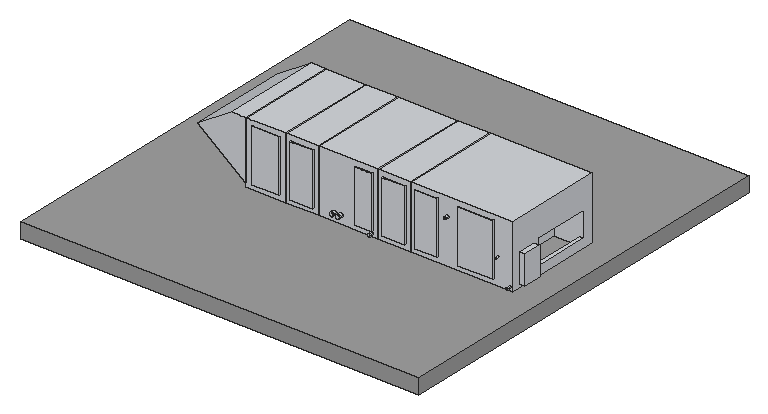
Revit family
Parameters (values of type "4 Row DX-R22")
  Wheel Size [instance] = ""
  Voltage = 480 V
  Unit Weight (lbs) = 4667  # constant formula
  URL = "http://www.appliedair.com"
  Total Static Pressure [instance] = 0.00 in-wg
  Total Heating Capacity [instance] = 0.0 Btu/h
  Total Cooling Capacity [instance] = 0.0 Btu/h
  Temperature Rise [instance] = 0 °F
  Supply Air Pressure Drop [instance] = 0.00 in-wg
  Supply Air Outlet Flow [instance] = 0 CFM
  Supply Air Inlet Flow [instance] = 0 CFM
  Series = "IFL"
  Return Coil Horizontal Offset = 1' - 1"  # constant formula
  Return Air Inlet Flow [instance] = 0 CFM
  Return Air Flow Height = 1' - 8"
  Refrigerant Type = "R22"
  Refrigerant Supply Pressure [instance] = 0.00 psi
  Refrigerant Supply Flow [instance] = 0 GPM
  Refrigerant Return Pressure [instance] = 0.00 psi
  Refrigerant Return Flow [instance] = 0 GPM
  Product URL = "http://www.appliedair.com/ifl.asp"
  Power Vertical Offset = 1' - 2 1/4"
  Power Horizontal Offset = 2' - 6"
  Power Connection Radius = 0' - 0 3/4"
  Phase = 3
  Output Heat [instance] = 0.0 Btu/h
  OmniClass = "23-75 10 24 21 27 17"
  Number of Rows = 4
  Number of Poles = 3
  Nominal Width = 6' - 8"  # constant formula
  Nominal Length = 21' - 0 5/8"  # constant formula
  Nominal Height = 4' - 2"  # constant formula
  Motor Horsepower (HP) [instance] = 0
  Motor Brake Horsepower (BHP) [instance] = 0
  Motor Amps [instance] = 0 A
  Model = "40"
  Minimum Input [instance] = 0.0 Btu/h
  Minimum Air Flow = 3000 CFM
  Maximum Input [instance] = 0.0 Btu/h
  Maximum Air Flow = 9500 CFM
  Manufacturer = "Applied Air"
  M = 3' - 10"  # constant formula
  L = 1' - 8 3/4"  # constant formula
  K = 2' - 1 11/16"  # constant formula
  J = 0' - 6 3/4"  # constant formula
  Heating Leaving Water Temperature [instance] = 0 °F
  Heating Leaving Air Temperature Wet Bulb [instance] = 0 °F
  Heating Leaving Air Temperature Dry Bulb [instance] = 0 °F
  Heating Entering Water Temperature [instance] = 0 °F
  Heating Entering Air Temperature Wet Bulb [instance] = 0 °F
  Heating Entering Air Temperature Dry Bulb [instance] = 0 °F
  Gas Vertical Offset = 1' - 9"  # constant formula
  Gas Horizontal Offset = 0' - 11 1/2"
  Gas Connection Radius = 0' - 0 3/8"  # constant formula
  Condensate Drain Vertical Offset = 0' - 2 3/4"
  Condensate Drain Radius = 0' - 0 3/4"  # constant formula
  Gas Pressure Drop [instance] = 0.00 psi
  Gas Input [instance] = 0.0 Btu/h
  Condensate Drain  Horizontal Offset = 0' - 1 27/32"
  Gas Flow [instance] = 0 GPM
  Condensate Drain Connection Radius = Condensate Drain Radius  # 0' - 0 3/4"
  Furnace Size [instance] = ""
  Frequency = 60 Hz
  Fan Speed (RPM) [instance] = 0
  Face Velocity (FPM) [instance] = 0
  Face Pressure Drop [instance] = 0' - 0"
  Drain Pressure Drop [instance] = 0.00 psi
  Drain Flow [instance] = 0 GPM
  Description = "Dedicated Outside Air Split System"
  Cooling Sensible Capacity [instance] = 0 Btu/h
  Cooling Leaving Air Temperature Wet Bulb [instance] = 0 °F
  Cooling Leaving Air Temperature Dry Bulb [instance] = 0 °F
  Cooling Entering Air Temperature Wet Bulb [instance] = 0 °F
  Cooling Entering Air Temperature Dry Bulb [instance] = 0 °F
  Cooling Coil Radius = 0' 3" / 2  # 0' - 1 1/2"
  H = 0' - 3 1/16"  # constant formula
  G = 3' - 2 5/8"  # constant formula
  Drain Vertical Offset = 0' - 2"
  Drain Radius = 0' - 1"
  Drain Horizontal Offset = 0' - 5"
  Default Elevation = 0' - 0"
  F = 2' - 2"  # constant formula
  E = 4' - 0"  # constant formula
  D = 5' - 8"  # constant formula
  Combustion Air Flow [instance] = 0 CFM
  Coils Depth = 0' - 3"
  Coil Outlet Vertical Offset = 3' - 7 113/256"  # constant formula
  Coil Face Area = if(Choose Coil Option = 1, 9.17 SF, if(Choose Coil Option = 2, 14.00 SF, if(Choose Coil Option = 3, 17.72 SF, 0.00 SF)))  # 9.17 SF
  Choose Coil Option = 1
  Coils Vertical Offsets = 0' - 6 143/256"
  Supply Coil Horizontal Offset = 1' - 6"  # constant formula
  Burner Amps [instance] = 0 A
  B = 6' - 10"  # constant formula
  Assembly Code = "D3030200"
  Apparent Power [instance] = (Motor Amps + Burner Amps) * Voltage * sqrt(3)  # 0 VA
  AHU Material = Galvanized Steel
  40.5x63 DX Coils = Choose Coil Option = 3  # no
  30x44 DX Coils = Choose Coil Option = 1  # yes
  36x56 DX Coils = Choose Coil Option = 2  # no
Reference planes (in)
  plane 1 "Center (Front/Back)": y = 0
  plane 2: z = -0.00391
  plane 3 "Center (Left/Right)": x = 0
  plane 4: y = 38
  plane 5: y = -42
  plane 6: x = -24
  plane 7: x = 24
  plane 8: x = 50
  plane 9: z = 49.99609
  plane 10: x = 132
  plane 11: x = -50
  plane 12: x = -82
  plane 13: x = -120.625
  plane 14: x = -11
  plane 15: x = -6
  plane 16: z = 6.55469
  plane 17: z = 6.55469
  plane 18: y = -45
  plane 19: x = 19
  plane 20: z = 1.99609
  plane 21: x = 80
  plane 22: z = 35.74609
  plane 23: z = 2.74609
  plane 24: x = 130.15625
  plane 25: z = 20.99609
  plane 26: x = 120.5
Forms (in)
  Extrusion 1, solid, material "Default"
    sketch origin (0, 0, 0) x (1, 0, 0) y (0, 1, 0)
      loop
        line (-164.84185, 166) -> (-164.84185, -165.6411) -> (155.35983, -165.6411) -> (155.35983, 166) -> (-164.84185, 166)
    from -0.00391 to -12
  Extrusion 2, solid
    sketch origin (0.62705, 0, 0) x (1, 0, 0) y (0, 0, 1)
      loop
        line (-24.62705, 0) -> (23.37295, 0) -> (23.37295, 49.99609) -> (-24.62705, 49.99609) -> (-24.62705, 0)
    from -38 to 42
  Extrusion 3, solid
    sketch origin (66.62705, 0, 0) x (1, 0, 0) y (0, 0, 1)
      loop
        line (-42.62705, 0) -> (-16.62705, 0) -> (-16.62705, 49.99609) -> (-42.62705, 49.99609) -> (-42.62705, 0)
    from -38 to 42
  Extrusion 4, solid
    sketch origin (120.62705, 0, 0) x (1, 0, 0) y (0, 0, 1)
      loop
        line (-70.62705, 0) -> (11.37295, 0) -> (11.37295, 49.99609) -> (-70.62705, 49.99609) -> (-70.62705, 0)
    from -38 to 42
  Extrusion 5, solid
    sketch origin (-17.37295, 0, 0) x (1, 0, 0) y (0, 0, 1)
      loop
        line (-32.62705, -0.00391) -> (-6.62705, -0.00391) -> (-6.62705, 49.99609) -> (-32.62705, 49.99609) -> (-32.62705, -0.00391)
    from -38 to 42
  Extrusion 6, solid
    sketch origin (-41.37295, 0, 0) x (1, 0, 0) y (0, 0, 1)
      loop
        line (-40.62705, -0.00391) -> (-8.62705, -0.00391) -> (-8.62705, 49.99609) -> (-40.62705, 49.99609) -> (-40.62705, -0.00391)
    from -38 to 42
  Extrusion 7, solid
    sketch origin (-15.3125, 0, 0) x (1, 0, 0) y (0, 0, 1)
      loop
        line (-105.3125, 32.99609) -> (-66.6875, 2.74609) -> (-66.6875, 49.99609) -> (-78.33244, 49.99609) -> (-105.3125, 32.99609)
    from -38 to 42
  Extrusion 8, void
    sketch origin (0, 0, 0) x (1, 0, 0) y (0, 1, 0)
      loop
        line (-75, 32) -> (-75, -36) -> (-55, -36) -> (-55, 32) -> (-75, 32)
    from 0 to 31.59567
  Extrusion 9, void
    sketch origin (0, 0, 0) x (0, 1, 0) y (0, 0, 1)
      loop
        line (-36, 9) -> (32, 9) -> (32, 29) -> (-36, 29) -> (-36, 9)
    from -55 to -85.321
  Extrusion 10, void
    sketch origin (0, 0, 0) x (1, 0, 0) y (0, 1, 0)
      loop
        line (128.9375, -16.3125) -> (128.9375, 29.6875) -> (108.1875, 29.6875) -> (108.1875, -16.3125) -> (128.9375, -16.3125)
    from 0 to 21.23232
  Extrusion 11, void
    sketch origin (0, 0, 0) x (1, 0, 0) y (0, 0, 1)
      loop
        line (132, 6.74609) -> (132, 27.49609) -> (108.1875, 27.49609) -> (108.1875, 6.74609) -> (132, 6.74609)
    from -29.6875 to 16.3125
  Extrusion 12, solid
    sketch origin (0, 0, 0) x (1, 0, 0) y (0, 1, 0)
      loop
        line (132, -21) -> (132, -36) -> (137, -36) -> (137, -21) -> (132, -21)
    from 3.06225 to 25.87762
  Extrusion 13, solid
    sketch origin (0, 0, 0) x (1, 0, 0) y (0, 0, 1)
      loop
        circle (-6, 6.55469) r 1.5
      loop
        circle (-11, 6.55469) r 1.5
      loop
        circle (19, 1.99609) r 1
      loop
        circle (80, 35.74609) r 0.75
      loop
        circle (130.15625, 2.74609) r 0.75
      loop
        circle (120.5, 20.99609) r 0.375
    from 42 to 45
  Extrusion 14, solid
    sketch origin (0, -38, 0) x (1, 0, 0) y (0, 0, 1)
      loop
        line (-55, 45.99609) -> (-77, 45.99609) -> (-77, 3.99609) -> (-55, 3.99609) -> (-55, 45.99609)
      loop
        line (-28, 45.99609) -> (-46, 45.99609) -> (-46, 3.99609) -> (-28, 3.99609) -> (-28, 45.99609)
      loop
        line (20, 45.99609) -> (6, 45.99609) -> (6, 3.99609) -> (20, 3.99609) -> (20, 45.99609)
      loop
        line (46, 45.99609) -> (28, 45.99609) -> (28, 3.99609) -> (46, 3.99609) -> (46, 45.99609)
      loop
        line (72, 45.99609) -> (54, 45.99609) -> (54, 3.99609) -> (72, 3.99609) -> (72, 45.99609)
      loop
        line (117, 45.99609) -> (89, 45.99609) -> (89, 3.99609) -> (117, 3.99609) -> (117, 45.99609)
    from 4 to 5
  Extrusion 15, void
    sketch origin (-0.04982, 0, -2.04982) x (1, 0, 0) y (0, 0, 1)
      loop
        line (124.55215, 46.70523) -> (124.55215, 46.20523) -> (126.80215, 46.20523) -> (126.80215, 46.70523) -> (124.55215, 46.70523)
      loop
        line (127.55215, 46.70523) -> (127.55215, 46.20523) -> (129.80215, 46.20523) -> (129.80215, 46.70523) -> (127.55215, 46.70523)
      loop
        line (124.55215, 47.45523) -> (124.55215, 46.95523) -> (126.80215, 46.95523) -> (126.80215, 47.45523) -> (124.55215, 47.45523)
      loop
        line (127.55215, 47.45523) -> (127.55215, 46.95523) -> (129.80215, 46.95523) -> (129.80215, 47.45523) -> (127.55215, 47.45523)
      loop
        line (124.55215, 45.95523) -> (124.55215, 45.45523) -> (126.80215, 45.45523) -> (126.80215, 45.95523) -> (124.55215, 45.95523)
      loop
        line (127.55215, 45.95523) -> (127.55215, 45.45523) -> (129.80215, 45.45523) -> (129.80215, 45.95523) -> (127.55215, 45.95523)
      loop
        line (124.55215, 45.20523) -> (124.55215, 44.70523) -> (126.80215, 44.70523) -> (126.80215, 45.20523) -> (124.55215, 45.20523)
      loop
        line (127.55215, 45.20523) -> (127.55215, 44.70523) -> (129.80215, 44.70523) -> (129.80215, 45.20523) -> (127.55215, 45.20523)
      loop
        line (124.55215, 44.45523) -> (124.55215, 43.95523) -> (126.80215, 43.95523) -> (126.80215, 44.45523) -> (124.55215, 44.45523)
      loop
        line (127.55215, 44.45523) -> (127.55215, 43.95523) -> (129.80215, 43.95523) -> (129.80215, 44.45523) -> (127.55215, 44.45523)
      loop
        line (124.55215, 43.70523) -> (124.55215, 43.20523) -> (126.80215, 43.20523) -> (126.80215, 43.70523) -> (124.55215, 43.70523)
      loop
        line (127.55215, 43.70523) -> (127.55215, 43.20523) -> (129.80215, 43.20523) -> (129.80215, 43.70523) -> (127.55215, 43.70523)
      loop
        line (124.55215, 15.78696) -> (126.80215, 15.78696) -> (126.80215, 16.28696) -> (124.55215, 16.28696) -> (124.55215, 15.78696)
      loop
        line (127.55215, 15.78696) -> (129.80215, 15.78696) -> (129.80215, 16.28696) -> (127.55215, 16.28696) -> (127.55215, 15.78696)
      loop
        line (124.55215, 15.03696) -> (126.80215, 15.03696) -> (126.80215, 15.53696) -> (124.55215, 15.53696) -> (124.55215, 15.03696)
      loop
        line (127.55215, 15.03696) -> (129.80215, 15.03696) -> (129.80215, 15.53696) -> (127.55215, 15.53696) -> (127.55215, 15.03696)
      loop
        line (124.55215, 16.53696) -> (126.80215, 16.53696) -> (126.80215, 17.03696) -> (124.55215, 17.03696) -> (124.55215, 16.53696)
      loop
        line (127.55215, 16.53696) -> (129.80215, 16.53696) -> (129.80215, 17.03696) -> (127.55215, 17.03696) -> (127.55215, 16.53696)
      loop
        line (124.55215, 17.28696) -> (126.80215, 17.28696) -> (126.80215, 17.78696) -> (124.55215, 17.78696) -> (124.55215, 17.28696)
      loop
        line (127.55215, 17.28696) -> (129.80215, 17.28696) -> (129.80215, 17.78696) -> (127.55215, 17.78696) -> (127.55215, 17.28696)
      loop
        line (124.55215, 18.03696) -> (126.80215, 18.03696) -> (126.80215, 18.53696) -> (124.55215, 18.53696) -> (124.55215, 18.03696)
      loop
        line (127.55215, 18.03696) -> (129.80215, 18.03696) -> (129.80215, 18.53696) -> (127.55215, 18.53696) -> (127.55215, 18.03696)
      loop
        line (124.55215, 18.78696) -> (126.80215, 18.78696) -> (126.80215, 19.28696) -> (124.55215, 19.28696) -> (124.55215, 18.78696)
      loop
        line (127.55215, 18.78696) -> (129.80215, 18.78696) -> (129.80215, 19.28696) -> (127.55215, 19.28696) -> (127.55215, 18.78696)
    from 32 to 38
  Extrusion 16, void
    sketch origin (0, 0, 0) x (1, 0, 0) y (0, 0, 1)
      loop
        line (-85.321, 29) -> (-100.57302, 29) -> (-109.17858, 24.03158) -> (-93.49174, 11.74609) -> (-85.321, 11.74609) -> (-85.321, 29)
    from -32 to 36
Cuts and joins
  Extrusion 8, Extrusion 9 cuts Extrusion 6
  Extrusion 9 cuts Extrusion 2
  Extrusion 9 cuts Extrusion 3
  Extrusion 9, Extrusion 16 cuts Extrusion 7
  Extrusion 10, Extrusion 11, Extrusion 15 cuts Extrusion 4
Dimensions and locks (in)
  "Nominal Width": plane 5 to plane 4
  "E": plane 6 to plane 7
  equal spacing: plane 6, plane 3 "Center (Left/Right)", plane 7
  "Nominal Height": plane 9 to plane 2
  "F": plane 7 to plane 8
  "F": plane 11 to plane 6
  locked: plane 12 to plane 11 at 32
  "B": plane 8 to plane 10
  "G": plane 13 to plane 12
  "D": Extrusion 8 sketch curve to Extrusion 8 sketch curve
  locked: Extrusion 8 sketch curve to Extrusion 8 sketch curve at 20
  locked: Extrusion 9 sketch curve to Extrusion 9 sketch curve at 20
  "D": Extrusion 9 sketch curve to Extrusion 9 sketch curve
  locked: level to Extrusion 9 sketch curve at 9
  "K": plane 5 to Extrusion 10 sketch curve
  "M": Extrusion 10 sketch curve to Extrusion 10 sketch curve
  "H": Extrusion 10 sketch curve to plane 10
  "L": Extrusion 10 sketch curve to Extrusion 10 sketch curve
  "J": Extrusion 11 sketch curve to plane 2
  "L": Extrusion 11 sketch curve to Extrusion 11 sketch curve
  "K": cut or joined group of Extrusion 4, Extrusion 10, Extrusion 11, Extrusion 15 to plane 5
  "M": cut or joined group of Extrusion 4, Extrusion 10, Extrusion 11, Extrusion 15 to cut or joined group of Extrusion 4, Extrusion 10, Extrusion 11, Extrusion 15
  plane 9 to Extrusion 12 = 2' - 0.11847"
  locked: Extrusion 12 to Extrusion 12 at 22.81538
  locked: Extrusion 12 to plane 2 at 3.06615
  locked: Extrusion 12 to Extrusion 12 at 5
  "Coils Depth": plane 18 to plane 5
  "Coils Vertical Offsets": plane 16 to plane 2
  "Coil Outlet Vertical Offset": plane 9 to plane 17
  "Return Coil Horizontal Offset": plane 6 to plane 14
  "Supply Coil Horizontal Offset": plane 6 to plane 15
  "Drain Vertical Offset": plane 20 to plane 2
  "Drain Horizontal Offset": plane 19 to plane 7
  locked: plane 12 to Extrusion 14 sketch curve at 5
  locked: Extrusion 14 sketch curve to plane 11 at 5
  locked: plane 9 to Extrusion 14 sketch curve at 4  (x6)
  locked: Extrusion 14 sketch curve to plane 2 at 4  (x6)
  locked: plane 11 to Extrusion 14 sketch curve at 4
  locked: Extrusion 14 sketch curve to plane 6 at 4
  locked: plane 6 to Extrusion 14 sketch curve at 30
  locked: Extrusion 14 sketch curve to plane 7 at 4
  locked: plane 7 to Extrusion 14 sketch curve at 4
  locked: Extrusion 14 sketch curve to plane 8 at 4
  locked: plane 8 to Extrusion 14 sketch curve at 4
  locked: Extrusion 14 sketch curve to Extrusion 14 sketch curve at 17
  locked: Extrusion 14 sketch curve to plane 10 at 15
  "Power Vertical Offset": plane 9 to plane 22
  "Power Horizontal Offset": plane 8 to plane 21
  locked: Extrusion 14 to plane 5 at 1
  "Condensate Drain Vertical Offset": plane 23 to plane 2
  plane 13 to plane 10 = 21' - 0 5/8"
  "Condensate Drain  Horizontal Offset": plane 24 to plane 10
  locked: Extrusion 7 sketch curve to plane 13 at 0
  locked: Extrusion 7 sketch curve to plane 9 at 0
  locked: Extrusion 7 sketch curve to plane 12 at 0
  locked: Extrusion 7 sketch curve to plane 23 at 0
  locked: plane 12 to Extrusion 7 sketch curve at 11.64494
  "Gas Vertical Offset": plane 25 to plane 2
  "Gas Horizontal Offset": plane 26 to plane 10
  locked: Extrusion 13 sketch curve to plane 14 at 0
  locked: Extrusion 13 sketch curve to plane 15 at 0
  locked: Extrusion 13 sketch curve to plane 19 at 0
  locked: Extrusion 13 sketch curve to plane 21 at 0
  locked: Extrusion 13 sketch curve to plane 25 at 0
  locked: Extrusion 13 sketch curve to plane 26 at 0
  locked: Extrusion 13 sketch curve to plane 23 at 0
  locked: Extrusion 13 sketch curve to plane 24 at 0
  locked: Extrusion 13 sketch curve to plane 20 at 0
  locked: Extrusion 13 sketch curve to plane 16 at 0
  locked: Extrusion 13 sketch curve to plane 22 at 0
  locked: Extrusion 13 sketch curve to plane 17 at 0
  "Cooling Coil Radius": radius of Extrusion 13 sketch curve  (x2)
  "Drain Radius": radius of Extrusion 13 sketch curve
  "Power Connection Radius": radius of Extrusion 13 sketch curve
  "Condensate Drain Connection Radius": radius of Extrusion 13 sketch curve
  "Gas Connection Radius": radius of Extrusion 13 sketch curve
  aligned and locked: plane 2 to Extrusion 1
  aligned and locked: Extrusion 2 to plane 4
  aligned and locked: plane 5 to Extrusion 2
  aligned and locked: plane 6 to Extrusion 2
  aligned and locked: plane 7 to Extrusion 2
  aligned and locked: plane 7 to Extrusion 3
  aligned and locked: Extrusion 3 to plane 8
  aligned and locked: plane 9 to Extrusion 2
  aligned and locked: Extrusion 3 to Extrusion 2
  aligned and locked: plane 5 to Extrusion 3
  aligned and locked: Extrusion 3 to plane 4
  aligned and locked: Extrusion 4 to plane 9
  aligned and locked: plane 8 to Extrusion 4
  aligned and locked: Extrusion 4 to plane 10
  aligned and locked: plane 5 to Extrusion 4
  aligned and locked: Extrusion 4 to plane 4
  aligned and locked: Extrusion 5 to plane 6
  aligned and locked: plane 11 to Extrusion 5
  aligned and locked: Extrusion 5 to plane 9
  aligned and locked: Extrusion 5 to plane 2
  aligned and locked: Extrusion 5 to plane 4
  aligned and locked: plane 5 to Extrusion 5
  aligned and locked: plane 5 to Extrusion 6
  aligned and locked: Extrusion 6 to plane 4
  aligned and locked: plane 12 to Extrusion 6
  aligned and locked: Extrusion 6 to plane 11
  aligned and locked: Extrusion 6 to plane 9
  aligned and locked: Extrusion 6 to plane 2
  aligned and locked: Extrusion 7 to plane 9
  aligned and locked: plane 13 to Extrusion 7
  aligned and locked: Extrusion 7 to plane 12
  aligned and locked: Extrusion 7 to plane 4
  aligned and locked: plane 5 to Extrusion 7
  aligned and locked: cut or joined group of Extrusion 6, Extrusion 8, Extrusion 9 to Extrusion 9 sketch curve
  aligned and locked: cut or joined group of Extrusion 6, Extrusion 8, Extrusion 9 to Extrusion 9
  aligned and locked: Extrusion 10 to level
  aligned and locked: cut or joined group of Extrusion 4, Extrusion 10, Extrusion 11, Extrusion 15 to Extrusion 11 sketch curve
  aligned and locked: plane 10 to Extrusion 11 sketch curve
  aligned and locked: plane 10 to Extrusion 12
  aligned and locked: plane 5 to Extrusion 13
  aligned and locked: plane 18 to Extrusion 13
  aligned and locked: Extrusion 14 to plane 5
  aligned and locked: cut or joined group of Extrusion 4, Extrusion 10, Extrusion 11, Extrusion 15 to plane 5
  aligned and locked: cut or joined group of Extrusion 6, Extrusion 8, Extrusion 9 to cut or joined group of Extrusion 7, Extrusion 9, Extrusion 16
  aligned and locked: cut or joined group of Extrusion 7, Extrusion 9, Extrusion 16 to cut or joined group of Extrusion 6, Extrusion 8, Extrusion 9
Automatic sketch dimensions
  Extrusion 1 sketch curve to Extrusion 1 sketch curve = 26' - 8.20168"
  Extrusion 1 sketch curve to Extrusion 1 sketch curve = 27' - 7.6411"
  Extrusion 2 sketch curve to level = 0' - 0"
  Extrusion 2 sketch curve to plane 6 = 0' - 0"
  Extrusion 2 sketch curve to plane 7 = 0' - 0"
  Extrusion 2 sketch curve to plane 9 = 0' - 0"
  Extrusion 3 sketch curve to level = 0' - 0"
  Extrusion 3 sketch curve to plane 7 = 0' - 0"
  Extrusion 3 sketch curve to plane 8 = 0' - 0"
  Extrusion 3 sketch curve to plane 9 = 0' - 0"
  Extrusion 4 sketch curve to level = 0' - 0"
  Extrusion 4 sketch curve to plane 8 = 0' - 0"
  Extrusion 4 sketch curve to plane 9 = 0' - 0"
  Extrusion 4 sketch curve to plane 10 = 0' - 0"
  Extrusion 5 sketch curve to plane 2 = 0' - 0"
  Extrusion 5 sketch curve to plane 11 = 0' - 0"
  Extrusion 5 sketch curve to plane 6 = 0' - 0"
  Extrusion 5 sketch curve to plane 9 = 0' - 0"
  Extrusion 6 sketch curve to plane 2 = 0' - 0"
  Extrusion 6 sketch curve to plane 12 = 0' - 0"
  Extrusion 6 sketch curve to plane 9 = 0' - 0"
  Extrusion 6 sketch curve to plane 11 = 0' - 0"
  Extrusion 12 sketch curve to plane 10 = 0' - 0"
  Extrusion 12 sketch curve to plane 10 = 0' - 5"
  Extrusion 12 sketch curve to plane 5 = 0' - 6"
  Extrusion 12 sketch curve to Extrusion 12 sketch curve = 1' - 3"
  Extrusion 14 sketch curve to Extrusion 14 sketch curve = 1' - 6"
  Extrusion 15 sketch curve to Extrusion 15 sketch curve = 0' - 0"  (x40)
  Extrusion 15 sketch curve to Extrusion 15 sketch curve = 0' - 0 3/4"  (x4)
  Extrusion 15 sketch curve to Extrusion 15 sketch curve = 0' - 0 1/2"  (x23)
  Extrusion 15 sketch curve to Extrusion 15 sketch curve = 0' - 0 1/4"  (x20)
  Extrusion 8 sketch curve to plane 12 = 0' - 7"
  Extrusion 8 sketch curve to plane 5 = 0' - 6"
  Extrusion 16 sketch curve to plane 13 = 0' - 11.44642"
  plane 22 to Extrusion 16 sketch curve = 0' - 6 191/256"
  Extrusion 16 sketch curve to Extrusion 16 sketch curve = 0' - 8.60555"
  Extrusion 16 sketch curve to plane 16 = 0' - 5 49/256"
  plane 12 to Extrusion 16 sketch curve = 0' - 11.49174"
  plane 12 to Extrusion 16 sketch curve = 0' - 3.321"
  Extrusion 16 sketch curve to Extrusion 16 sketch curve = 0' - 4.96842"
  plane 22 to Extrusion 7 sketch curve = 0' - 2 3/4"
  plane 10 to Extrusion 15 sketch curve = 0' - 7.49767"
  Extrusion 15 sketch curve to Extrusion 15 sketch curve = 0' - 2 1/4"  (x6)
  Extrusion 15 sketch curve to Extrusion 15 sketch curve = 1' - 11.91827"
  plane 9 to Extrusion 15 sketch curve = 3' - 1.00896"
Connectors (in)
  hvac at (-101.3125, -2, 17.87109), driven by "D", driven by "Return Air Flow Height", driven by "Supply Air Inlet Flow"
    settings: on cut or joined group of Extrusion 7, Extrusion 9, Extrusion 16, index 1
  hvac at (-65, -2, -0.00391), driven by "D", driven by "Return Air Flow Height", driven by "Return Air Inlet Flow"
    settings: on cut or joined group of Extrusion 6, Extrusion 8, Extrusion 9, index 2
  hvac at (118.5625, 6.6875, 0), driven by "M", driven by "L", driven by "Supply Air Outlet Flow"
    settings: on cut or joined group of Extrusion 4, Extrusion 10, Extrusion 11, Extrusion 15, index 3
  hvac at (132, 6.6875, 17.12109), driven by "M", driven by "L", driven by "Supply Air Outlet Flow"
    settings: on cut or joined group of Extrusion 4, Extrusion 10, Extrusion 11, Extrusion 15, index 4
  piping at (-11, -45, 6.55469), driven by "Cooling Coil Radius", driven by "Refrigerant Return Flow", driven by "Refrigerant Return Pressure"
    settings: on Extrusion 13, index 5
  piping at (-6, -45, 6.55469), driven by "Cooling Coil Radius", driven by "Refrigerant Supply Flow", driven by "Refrigerant Supply Pressure"
    settings: on Extrusion 13, index 6
  piping at (19, -45, 1.99609), driven by "Drain Radius", driven by "Drain Flow"
    settings: on Extrusion 13, index 7
  electrical at (80, -45, 35.74609), driven by "Number of Poles", driven by "Apparent Power", driven by "Voltage"
    settings: on Extrusion 13, index 8
  piping at (130.15625, -45, 2.74609), driven by "Condensate Drain Radius", driven by "Drain Flow", driven by "Gas Pressure Drop"
    settings: on Extrusion 13, index 9
  piping at (120.5, -45, 20.99609), driven by "Gas Connection Radius", driven by "Gas Flow", driven by "Gas Pressure Drop"
    settings: on Extrusion 13, index 10
